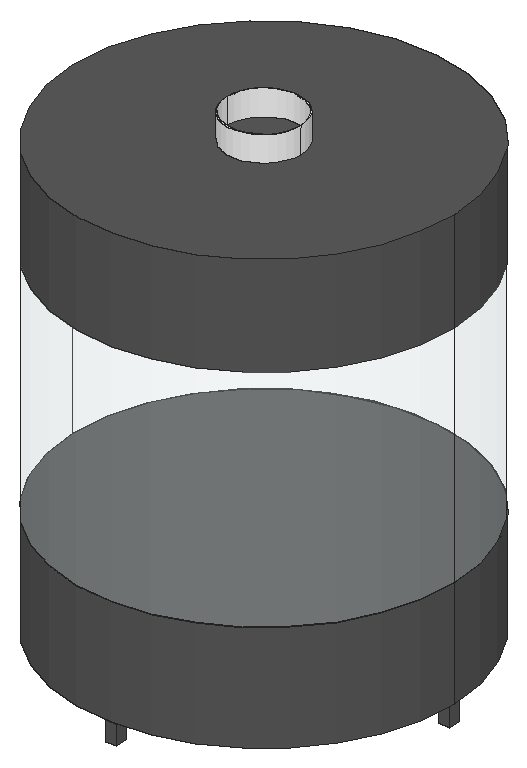
Revit family "CR536", category Generic Models, host Face, Revit 2019
Family settings
  Host = Face
  Can host rebar = No
  Round Connector Dimension = Use Diameter
  Part Type = Normal
  Cut with Voids When Loaded = Yes
  Shared = Yes
  Room Calculation Point = No
Parameters (values of type "As Specified")
  URL = "https://www.montigo.com/"
  Manufacturer Website = "https://www.montigo.com/"
  Manufacturer Phone - Toll Free = "800-378-3115"
  Manufacturer Phone = ""
  Manufacturer Fax = ""
  Manufacturer Address = "27342 Gloucester Way  Langley, BC, Canada   V4W 4A1"
  Manufacturer = "Montigo"
  Length = 60"
  Width = 60"
  Height = 72"
  Glazing Tint = Glass - Montigo - Tint as Specified
  Frame Material = Metal - Montigo - Black
  Firebox Material = Metal - Montigo - White
  Fire Place - Opening = 36"
  Description = "Montigo Fireplace as Specified"
  Default Elevation = 48"
  Base Height = 20"
  Assembly Code = "D3020"
Reference planes (in)
  plane 1 "Center (Front/Back)": y = 0
  plane 2: z = 0
  plane 3 "Center (Left/Right)": x = 0
  plane 4: x = 30
  plane 5: y = 30
  plane 6: y = -30
  plane 7: z = 0
  plane 8: x = -30
  plane 9: z = 3
  plane 10: z = 20
  plane 11: z = 56
  plane 12: z = 72
Forms (in)
  Extrusion 1, solid, material "Metal - Montigo - Black" <- "Frame Material"
    sketch origin (-60.41868, -180, 0) x (-1, 0, 0) y (0, -1, 0)
      loop
        circle (-60.41868, -180) r 30
    from 3 to 20
  Extrusion 2, solid, material "Metal - Montigo - Black" <- "Frame Material"
    sketch origin (-60.41868, -180, 0) x (-1, 0, 0) y (0, -1, 0)
      loop
        circle (-60.41868, -180) r 30
    from 56 to 72
  Extrusion 3, solid, material "Glass - Montigo - Tint as Specified" <- "Glazing Tint"
    sketch origin (-60.41868, -180, 0) x (-1, 0, 0) y (0, -1, 0)
      loop
        circle (-60.41868, -180) r 30
    from 20 to 56
  Extrusion 4, solid, material "Metal - Montigo - Black" <- "Frame Material"
    sketch origin (-60.41868, -180, 0) x (-1, 0, 0) y (0, -1, 0)
      loop
        line (-59.51868, -210) -> (-59.51868, -208.2) -> (-61.31868, -208.2) -> (-61.31868, -210) -> (-59.51868, -210)
      loop
        line (-90.41868, -179.1) -> (-90.41868, -180.9) -> (-88.61868, -180.9) -> (-88.61868, -179.1) -> (-90.41868, -179.1)
      loop
        line (-59.51868, -150) -> (-61.31868, -150) -> (-61.31868, -151.8) -> (-59.51868, -151.8) -> (-59.51868, -150)
      loop
        line (-30.41868, -179.1) -> (-32.21868, -179.1) -> (-32.21868, -180.9) -> (-30.41868, -180.9) -> (-30.41868, -179.1)
    from 0 to 3
  Extrusion 5, solid, material "Metal - Montigo - Black" <- "Frame Material"
    sketch origin (-60.41868, -180, 0) x (-1, 0, 0) y (0, -1, 0)
      loop
        line (-55.41868, -203) -> (-55.41868, -201) -> (-57.41868, -201) -> (-57.41868, -203) -> (-55.41868, -203)
      loop
        line (-65.41868, -203) -> (-63.41868, -203) -> (-63.41868, -201) -> (-65.41868, -201) -> (-65.41868, -203)
    from 2 to 3
Dimensions and locks (in)
  equal spacing: plane 6, plane 1 "Center (Front/Back)", plane 5
  "Width": plane 6 to plane 5
  "Length": plane 8 to plane 4
  equal spacing: plane 8, plane 3 "Center (Left/Right)", plane 4
  locked: plane 9 to plane 7 at 3
  "Base Height": plane 10 to plane 7
  "Height": plane 12 to plane 7
  "Fire Place - Opening": plane 11 to plane 10
  plane 12 to plane 11 = 16"
  aligned and locked: plane 2 to host face
  aligned and locked: level to host face
  aligned and locked: plane 7 to level
  aligned and locked: plane 10 to Extrusion 1
  aligned and locked: plane 12 to Extrusion 2
  aligned and locked: Extrusion 2 to plane 11
  aligned and locked: Extrusion 3 to plane 10
  aligned and locked: plane 11 to Extrusion 3
  aligned and locked: nested 1 to plane 1 "Center (Front/Back)"
  aligned and locked: nested 1 to plane 3 "Center (Left/Right)"
  aligned and locked: Extrusion 1 to plane 9
  aligned and locked: Extrusion 4 to level
  aligned and locked: Extrusion 4 to Extrusion 1
Automatic sketch dimensions
  host sketch curve to host sketch curve = 96"  (x2)
  plane 3 "Center (Left/Right)" to Extrusion 5 sketch curve = 5"
  Extrusion 5 sketch curve to Extrusion 5 sketch curve = 2"  (x4)
  Extrusion 5 sketch curve to plane 3 "Center (Left/Right)" = 3"
  plane 5 to Extrusion 5 sketch curve = 7"  (x2)
  Extrusion 4 sketch curve to plane 4 = 0"
  plane 6 to Extrusion 4 sketch curve = 0"
  plane 5 to Extrusion 4 sketch curve = 0"
  Extrusion 4 sketch curve to plane 8 = 0"
  Extrusion 4 sketch curve to Extrusion 4 sketch curve = 1.8"  (x2)
  plane 3 "Center (Left/Right)" to Extrusion 4 sketch curve = 0.9"  (x2)
  Extrusion 4 sketch curve to plane 3 "Center (Left/Right)" = 0.9"  (x2)
  plane 5 to Extrusion 4 sketch curve = 1.8"
  Extrusion 4 sketch curve to plane 1 "Center (Front/Back)" = 0.9"  (x2)
  plane 1 "Center (Front/Back)" to Extrusion 4 sketch curve = 0.9"  (x2)
  Extrusion 4 sketch curve to plane 6 = 1.8"
  plane 1 "Center (Front/Back)" to Extrusion 3 sketch curve = 0"
  Extrusion 3 sketch curve to plane 3 "Center (Left/Right)" = 0"
  plane 1 "Center (Front/Back)" to Extrusion 2 sketch curve = 0"
  Extrusion 2 sketch curve to plane 3 "Center (Left/Right)" = 0"
  plane 1 "Center (Front/Back)" to Extrusion 1 sketch curve = 0"
  Extrusion 1 sketch curve to plane 3 "Center (Left/Right)" = 0"
  radius of Extrusion 3 sketch curve = 30"
  radius of Extrusion 2 sketch curve = 30"
  radius of Extrusion 1 sketch curve = 30"
Nested families (in)
  nested 1: "Duct Dia" at (0, 0, 72) x (-1, 0, 0) z (0, 0, 1), type "11 3/4" Dia"
Connectors (in)
  hvac at (0, 0, 76)
    settings: on nested 1, index 1, duct flow 0 CFM, flow factor 0, pres drop 0.00 in-wg, loss coef 0, conn angle 0.00°, conn width 12", conn height 12", conn diameter 11 3/4", duct sys type 3, conn prof type 0, flow config 0, flow direction 0, loss method 0, conn ref index -1, conn util no, is conn primary yes, conn desc ""
Definition of nested family "Duct Dia"
  Parameters (values of type "15 7/8" Dia.")
    Intake Duct Dia = 15 7/8"
    Intake Diameter = Intake Duct Dia - 1/8"  # 15 3/4"
    Height = 4"
    Firebox Material = none
    Default Elevation = 48"
  Types (12): name | Intake Duct Dia | Intake Diameter | Height
    9 7/8" Dia. | 9 7/8" | 9 3/4" | 4"
    7 7/8" Dia | 7 7/8" | 7 3/4" | 4"
    8 1/8" Dia | 8 1/8" | 8" | 1/4"
    11 3/4" Dia | 11 3/4" | 11 5/8" | 4"
    4" Dia | 10" | 9 7/8" | 4"
    7 3/4" Dia | 7 3/4" | 7 5/8" | 4"
    6 7/8" Dia | 6 7/8" | 6 3/4" | 1/4"
    9 3/4" Dia. | 9 3/4" | 9 5/8" | 4"
    7 1/8" Dia | 7 1/8" | 7" | 1/4"
    11 7/8" Dia. | 11 7/8" | 11 3/4" | 4"
    13 7/8" Dia. | 13 7/8" | 13 3/4" | 4"
    15 7/8" Dia. | 15 7/8" | 15 3/4" | 4"
  Reference planes (in)
    plane 1 "Center (Front/Back)": y = 0
    plane 2: z = 0
    plane 3 "Center (Left/Right)": x = 0
    plane 4: z = 4
  Forms (in)
    Extrusion 1, solid
      sketch origin (0, 0, 0) x (1, 0, 0) y (0, 1, 0)
        loop
          line (-48, 48) -> (-48, -48) -> (48, -48) -> (48, 48) -> (-48, 48)
      from 0 to -12
    Extrusion 2, solid, material <- "Firebox Material"
      sketch origin (0, 0, 0) x (1, 0, 0) y (0, 1, 0)
        loop
          circle (0, 0) r 7.9375
        loop
          circle (0, 0) r 7.875
      from 0 to 4
  Dimensions and locks (in)
    "Height": plane 4 to level
    "Intake Duct Dia": diameter of Extrusion 2 sketch curve
    "Intake Diameter": diameter of Extrusion 2 sketch curve
    aligned and locked: plane 2 to Extrusion 1
    aligned and locked: level to Extrusion 1
    aligned and locked: plane 4 to Extrusion 2
  Automatic sketch dimensions
    Extrusion 1 sketch curve to Extrusion 1 sketch curve = 96"  (x2)
    Extrusion 2 sketch curve to Extrusion 2 sketch curve = 0"  (x2)
    plane 1 "Center (Front/Back)" to Extrusion 2 sketch curve = 0"
    Extrusion 2 sketch curve to plane 3 "Center (Left/Right)" = 0"
